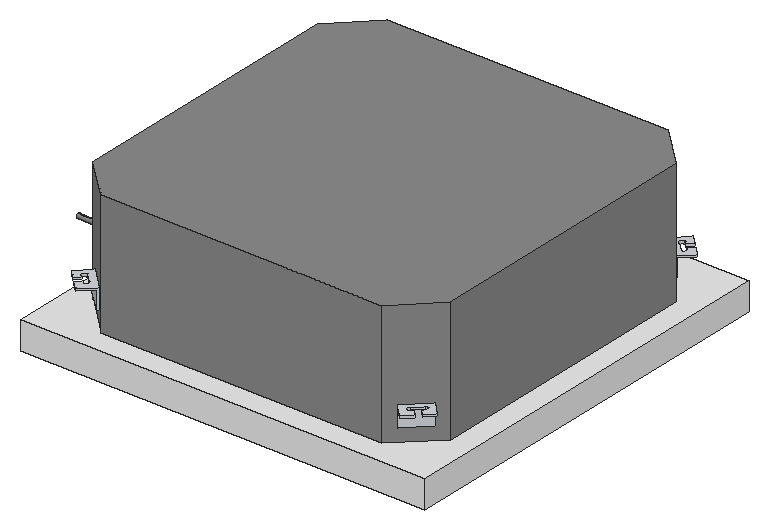
Revit family "GMV-ND112T-160C-T", category 机械设备, Revit 2014
Parameters (values of type "GMV-ND160T/C-T")
  Air volume(H/M/L)(m³/h) [instance] = "1650/1300/1100"
  Panel Hight = 65.00 mm
  Panel Depth = 950.00 mm
  Panel Width = 950.00 mm
  Power supply = "220-240V 1 phase ~50Hz/208-230V 1 phase ~60Hz"
  Liquid Pipe(mm) = 9.52 mm
  Gas Pipe(mm) = 15.90 mm
  面板 = ABS
  Drain Pipe(mm) = 25.00 mm
  Heating capacity(kW) [instance] = "16"
  Cooling capacity(kW) [instance] = "14"
  主体 = 锌板
  Width = 840.00 mm
  Hight = 290.00 mm
  Depth = 840.00 mm
Types (4, lengths in mm): name | Heating capacity(kW) | Cooling capacity(kW)
  (no name) | "16" | "14"
  GMV-ND112T/C-T | "12.5" | "11.2"
  GMV-ND125T/C-T | "14" | "12.5"
  GMV-ND160T/C-T | "16" | "14"
Reference planes
  plane 1: z = 0
  plane 2: y = -311.583
  plane 3: through (-330, 420, 1200) normal (0.7071, -0.7071, 0)
  plane 4: through (-341.331, 438.668, 1200) normal (0.7071, -0.7071, 0)
  plane 5: through (-345.927, 443.265, 1200) normal (0.7071, -0.7071, 0)
  plane 6: through (-336.735, 434.072, 1200) normal (0.7071, -0.7071, 0)
  plane 7: through (-396.612, 396.612, 1200) normal (0.7071, 0.7071, 0)
  plane 8: through (-406.158, 387.066, 1200) normal (0.7071, 0.7071, 0)
  plane 9: through (-387.066, 406.158, 1200) normal (0.7071, 0.7071, 0)
  plane 10: through (-401.916, 391.309, 1200) normal (0.7071, 0.7071, 0)
  plane 11: through (-391.309, 401.916, 1200) normal (0.7071, 0.7071, 0)
  plane 12: y = 182
  plane 13: x = 420
  plane 14: x = -420
  plane 15: z = 290
  plane 16: y = 420
  plane 17: y = -420
Forms (mm)
  Extrusion 1, solid, material "锌板" <- "主体"
    sketch origin (-1053.666, -594.239, 1200) x (-1, 0, 0) y (0, 0, 1)
      loop
        line (-633.666, -910) -> (-1473.666, -910) -> (-1473.666, -1200) -> (-633.666, -1200) -> (-633.666, -910)
    from 174.239 to 1014.239
  Extrusion 2, solid, material "ABS" <- "面板"
    sketch origin (-1053.666, -594.239, 1200) x (-1, 0, 0) y (0, 0, 1)
      loop
        line (-578.666, -1200) -> (-1528.666, -1200) -> (-1528.666, -1265) -> (-578.666, -1265) -> (-578.666, -1200)
    from 119.239 to 1069.239
  Extrusion 3, solid, material "锌板" <- "主体"
    sketch origin (-420, -1524, 776.939) x (0, 0, 1) y (0, -1, 0)
      loop
        circle (-620.056, -1304.415) r 7.95
    from 0 to -50
  Extrusion 4, solid, material "锌板" <- "主体"
    sketch origin (-420, -1524, 776.939) x (0, 0, 1) y (0, -1, 0)
      loop
        circle (-626.939, -1212.417) r 4.76
    from 0 to -50
  Extrusion 5, void
    sketch origin (-944.901, -1524, -65) x (0, -1, 0) y (-1, 0, 0)
      loop
        line (-1774, -694.901) -> (-1774, -1194.901) -> (-1274, -1194.901) -> (-1274, -694.901) -> (-1774, -694.901)
    from 0 to -51.074
  Extrusion 6, void
    sketch origin (-944.901, -1524, -65) x (0, -1, 0) y (-1, 0, 0)
      loop
        line (-1904, -744.901) -> (-1904, -1144.901) -> (-1854, -1144.901) -> (-1854, -744.901) -> (-1904, -744.901)
    from 0 to -10
  Extrusion 7, void
    sketch origin (-944.901, -1524, -65) x (0, -1, 0) y (-1, 0, 0)
      loop
        line (-1194, -1144.901) -> (-1144, -1144.901) -> (-1144, -744.901) -> (-1194, -744.901) -> (-1194, -1144.901)
    from 0 to -10
  Extrusion 8, void
    sketch origin (-944.901, -1524, -65) x (0, -1, 0) y (-1, 0, 0)
      loop
        line (-1724, -564.901) -> (-1724, -614.901) -> (-1324, -614.901) -> (-1324, -564.901) -> (-1724, -564.901)
    from 0 to -10
  Extrusion 9, void
    sketch origin (-944.901, -1524, -65) x (0, -1, 0) y (-1, 0, 0)
      loop
        line (-1324, -1324.901) -> (-1324, -1274.901) -> (-1724, -1274.901) -> (-1724, -1324.901) -> (-1324, -1324.901)
    from 0 to -10
  Extrusion 10, void
    sketch origin (-944.901, -1524, 300) x (0, -1, 0) y (-1, 0, 0)
      loop
        line (-1944, -524.901) -> (-1944, -614.901) -> (-1854, -524.901) -> (-1944, -524.901)
    from 320 to -10
  Extrusion 11, solid
    sketch origin (-393.436, 356.539, 1200) x (0.707107, -0.707107, 0) y (0, 0, 1)
      loop
        line (0, -1167.503) -> (0, -1120) -> (-43.411, -1120) -> (-43.411, -1125) -> (-5, -1125) -> (-5, -1167.503) -> (0, -1167.503)
    from 7.361 to -61.161
  Extrusion 12, void
    sketch origin (-113.234, -1524, 80) x (0, -1, 0) y (-1, 0, 0)
      loop
        line (-1909.05, 290.908) -> (-1913.293, 286.665) -> (-1924.38, 297.753) -> (-1934.987, 287.147) -> (-1923.899, 276.059) -> (-1928.142, 271.816)
        arc (-1928.142, 271.816) -> (-1928.142, 262.624) -> (-1918.949, 262.624) r 6.5
        line (-1918.949, 262.624) -> (-1899.858, 281.715)
        arc (-1899.858, 281.715) -> (-1899.858, 290.908) -> (-1909.05, 290.908) r 6.5
    from 5 to 0
  Extrusion 13, void
    sketch origin (944.901, -1524, 300) x (0, 1, 0) y (1, 0, 0)
      loop
        line (1944, -524.901) -> (1854, -524.901) -> (1944, -614.901) -> (1944, -524.901)
    from 300 to -10
  Extrusion 14, void
    sketch origin (944.901, 1524, 300) x (0, 1, 0) y (1, 0, 0)
      loop
        line (-1944, -524.901) -> (-1944, -614.901) -> (-1854, -524.901) -> (-1944, -524.901)
    from 300 to -10
  Extrusion 15, void
    sketch origin (-944.901, 1524, 300) x (0, -1, 0) y (-1, 0, 0)
      loop
        line (1944, -524.901) -> (1854, -524.901) -> (1944, -614.901) -> (1944, -524.901)
    from 300 to -10
  Extrusion 16, solid
    sketch origin (393.436, 356.539, 1200) x (-0.707107, -0.707107, 0) y (0, 0, -1)
      loop
        line (0, 1167.503) -> (-5, 1167.503) -> (-5, 1125) -> (-43.411, 1125) -> (-43.411, 1120) -> (0, 1120) -> (0, 1167.503)
    from 7.361 to -61.161
  Extrusion 17, solid
    sketch origin (393.436, -356.539, 1200) x (-0.707107, 0.707107, 0) y (0, 0, 1)
      loop
        line (0, -1167.503) -> (0, -1120) -> (-43.411, -1120) -> (-43.411, -1125) -> (-5, -1125) -> (-5, -1167.503) -> (0, -1167.503)
    from 7.361 to -61.161
  Extrusion 18, solid
    sketch origin (-393.436, -356.539, 1200) x (0.707107, 0.707107, 0) y (0, 0, -1)
      loop
        line (0, 1167.503) -> (-5, 1167.503) -> (-5, 1125) -> (-43.411, 1125) -> (-43.411, 1120) -> (0, 1120) -> (0, 1167.503)
    from 7.361 to -61.161
  Extrusion 19, solid
    sketch origin (-393.436, 356.539, 1200) x (0.707107, -0.707107, 0) y (0, 0, 1)
      loop
        line (0, -1167.503) -> (0, -1120) -> (-43.411, -1120) -> (-43.411, -1125) -> (-5, -1125) -> (-5, -1167.503) -> (0, -1167.503)
    from 7.361 to -61.161
  Extrusion 20, void
    sketch origin (-113.234, -1524, 80) x (0, -1, 0) y (-1, 0, 0)
      loop
        line (-1909.05, 290.908) -> (-1913.293, 286.665) -> (-1924.38, 297.753) -> (-1934.987, 287.147) -> (-1923.899, 276.059) -> (-1928.142, 271.816)
        arc (-1928.142, 271.816) -> (-1928.142, 262.624) -> (-1918.949, 262.624) r 6.5
        line (-1918.949, 262.624) -> (-1899.858, 281.715)
        arc (-1899.858, 281.715) -> (-1899.858, 290.908) -> (-1909.05, 290.908) r 6.5
    from 5 to 0
  Extrusion 21, void
    sketch origin (113.234, -1524, 80) x (0, 1, 0) y (1, 0, 0)
      loop
        arc (1909.05, 290.908) -> (1899.858, 290.908) -> (1899.858, 281.715) r 6.5
        line (1899.858, 281.715) -> (1918.949, 262.624)
        arc (1918.949, 262.624) -> (1928.142, 262.624) -> (1928.142, 271.816) r 6.5
        line (1928.142, 271.816) -> (1923.899, 276.059) -> (1934.987, 287.147) -> (1924.38, 297.753) -> (1913.293, 286.665) -> (1909.05, 290.908)
    from 5 to 0
  Extrusion 22, void
    sketch origin (113.234, 1524, 80) x (0, 1, 0) y (1, 0, 0)
      loop
        line (-1909.05, 290.908) -> (-1913.293, 286.665) -> (-1924.38, 297.753) -> (-1934.987, 287.147) -> (-1923.899, 276.059) -> (-1928.142, 271.816)
        arc (-1928.142, 271.816) -> (-1928.142, 262.624) -> (-1918.949, 262.624) r 6.5
        line (-1918.949, 262.624) -> (-1899.858, 281.715)
        arc (-1899.858, 281.715) -> (-1899.858, 290.908) -> (-1909.05, 290.908) r 6.5
    from 5 to 0
  Extrusion 23, void
    sketch origin (-113.234, 1524, 80) x (0, -1, 0) y (-1, 0, 0)
      loop
        arc (1909.05, 290.908) -> (1899.858, 290.908) -> (1899.858, 281.715) r 6.5
        line (1899.858, 281.715) -> (1918.949, 262.624)
        arc (1918.949, 262.624) -> (1928.142, 262.624) -> (1928.142, 271.816) r 6.5
        line (1928.142, 271.816) -> (1923.899, 276.059) -> (1934.987, 287.147) -> (1924.38, 297.753) -> (1913.293, 286.665) -> (1909.05, 290.908)
    from 5 to 0
  Extrusion 24, solid
    sketch origin (-420, -1524, 776.939) x (0, 0, 1) y (0, -1, 0)
      loop
        circle (-541.939, -1706) r 12.5
    from 0 to -29.332
Cuts and joins
  Extrusion 5, Extrusion 6, Extrusion 7, Extrusion 8, Extrusion 9, Extrusion 13, Extrusion 14, Extrusion 15 cuts Extrusion 2
  Extrusion 10, Extrusion 13, Extrusion 14, Extrusion 15 cuts Extrusion 1
  Extrusion 12, Extrusion 13, Extrusion 21 cuts Extrusion 11
  Extrusion 20, Extrusion 21 cuts Extrusion 19
  Extrusion 20, Extrusion 23 cuts Extrusion 18
  Extrusion 21, Extrusion 22 cuts Extrusion 16
  Extrusion 22, Extrusion 23 cuts Extrusion 17
Lines and regions (mm)
  model lines
    curve 1: arc (-420, -219.585, 164.833) -> (-420, -227.535, 156.883) -> (-420, -219.585, 148.933) r 7.95
    curve 2: arc (-420, -219.585, 148.933) -> (-420, -211.635, 156.883) -> (-420, -219.585, 164.833) r 7.95
    curve 3: line (-250, 250, -65) -> (250, 250, -65)
    curve 4: line (-250, -250, -65) -> (-250, 250, -65)
    curve 5: line (250, -250, -65) -> (-250, -250, -65)
    curve 6: line (250, 250, -65) -> (250, -250, -65)
Dimensions and locks
  Extrusion 5 sketch curve to Extrusion 5 sketch curve = 500.00 mm
  plane 4 to plane 5 = 6.50 mm
  "Width": plane 14 to plane 13
  "Hight": plane 15 to level
  "Depth": plane 17 to plane 16
  "Gas Pipe(mm)": diameter of Extrusion 3 sketch curve
  "Liquid Pipe(mm)": diameter of Extrusion 4 sketch curve
  "Drain Pipe(mm)": diameter of Extrusion 24 sketch curve
  aligned and locked: level to plane 1
  aligned and locked: Extrusion 1 sketch curve to level
  aligned and locked: level to Extrusion 2 sketch curve
  aligned and locked: curve 1 to Extrusion 3
  aligned and locked: curve 2 to Extrusion 3
  aligned and locked: curve 3 to cut or joined group 1 (Extrusion 2, Extrusion 5, Extrusion 6, Extrusion 7, Extrusion 8, Extrusion 9, Extrusion 13, Extrusion 14, Extrusion 15)
  aligned and locked: curve 4 to cut or joined group 1
  aligned and locked: curve 5 to cut or joined group 1
  aligned and locked: curve 6 to cut or joined group 1
  aligned and locked: cut or joined group 1 to nested 1
  aligned and locked: Extrusion 11 to Extrusion 12
  aligned and locked: Extrusion 15 to Extrusion 2
  aligned and locked: Extrusion 14 to Extrusion 2
  aligned and locked: Extrusion 13 to Extrusion 2
Automatic sketch dimensions
  Extrusion 11 sketch curve to plane 5 = 15.681 mm
  Extrusion 11 sketch curve to plane 3 = 4.982 mm
  plane 3 to Extrusion 11 sketch curve = 0.018 mm
  level to Extrusion 11 sketch curve = 32.496 mm
  plane 11 to Extrusion 12 sketch curve = 0.00 mm
  plane 5 to Extrusion 12 sketch curve = 0.00 mm  (x3)
  plane 9 to Extrusion 12 sketch curve = 0.00 mm  (x3)
  Extrusion 12 sketch curve to plane 10 = 0.00 mm
  plane 4 to Extrusion 12 sketch curve = 0.00 mm  (x2)
  Extrusion 12 sketch curve to plane 8 = 0.00 mm  (x3)
  Extrusion 16 sketch curve to plane 9 = 560.223 mm
  Extrusion 16 sketch curve to Extrusion 16 sketch curve = 38.411 mm
  Extrusion 16 sketch curve to Extrusion 16 sketch curve = 5.00 mm  (x2)
  level to Extrusion 16 sketch curve = 32.496 mm
  plane 3 to Extrusion 17 sketch curve = 1104.054 mm
  Extrusion 17 sketch curve to Extrusion 17 sketch curve = 38.411 mm
  Extrusion 17 sketch curve to Extrusion 17 sketch curve = 5.00 mm  (x2)
  level to Extrusion 17 sketch curve = 32.496 mm
  Extrusion 18 sketch curve to plane 8 = 560.224 mm
  Extrusion 18 sketch curve to Extrusion 18 sketch curve = 38.411 mm
  Extrusion 18 sketch curve to Extrusion 18 sketch curve = 5.00 mm  (x2)
  level to Extrusion 18 sketch curve = 32.496 mm
  Extrusion 19 sketch curve to plane 5 = 15.681 mm
  Extrusion 19 sketch curve to plane 3 = 4.982 mm
  plane 3 to Extrusion 19 sketch curve = 0.018 mm
  level to Extrusion 19 sketch curve = 32.496 mm
  plane 11 to Extrusion 20 sketch curve = 0.00 mm
  plane 5 to Extrusion 20 sketch curve = 0.00 mm  (x3)
  plane 9 to Extrusion 20 sketch curve = 0.00 mm  (x3)
  Extrusion 20 sketch curve to plane 10 = 0.00 mm
  plane 4 to Extrusion 20 sketch curve = 0.00 mm  (x2)
  Extrusion 20 sketch curve to plane 8 = 0.00 mm  (x3)
  Extrusion 21 sketch curve to Extrusion 21 sketch curve = 4.243 mm  (x2)
  Extrusion 21 sketch curve to Extrusion 21 sketch curve = 4.596 mm  (x3)
  Extrusion 21 sketch curve to Extrusion 21 sketch curve = 0.354 mm
  Extrusion 21 sketch curve to Extrusion 21 sketch curve = 11.088 mm
  Extrusion 22 sketch curve to Extrusion 22 sketch curve = 10.607 mm
  Extrusion 22 sketch curve to Extrusion 22 sketch curve = 4.596 mm  (x5)
  Extrusion 23 sketch curve to Extrusion 23 sketch curve = 4.243 mm  (x2)
  Extrusion 23 sketch curve to Extrusion 23 sketch curve = 4.596 mm  (x3)
  Extrusion 23 sketch curve to Extrusion 23 sketch curve = 0.354 mm
  Extrusion 23 sketch curve to Extrusion 23 sketch curve = 11.088 mm
  Extrusion 8 sketch curve to Extrusion 8 sketch curve = 50.00 mm
  plane 3 to Extrusion 10 sketch curve = 0.00 mm  (x2)
  Extrusion 22 sketch curve to Extrusion 22 sketch curve = 4.243 mm
  Extrusion 1 sketch curve to Extrusion 1 sketch curve = 840.00 mm
  Extrusion 2 sketch curve to Extrusion 2 sketch curve = 950.00 mm
  Extrusion 6 sketch curve to plane 9 = 78.424 mm
  Extrusion 6 sketch curve to Extrusion 6 sketch curve = 400.00 mm
  Extrusion 7 sketch curve to plane 8 = 361.267 mm
  Extrusion 7 sketch curve to Extrusion 7 sketch curve = 400.00 mm
  Extrusion 8 sketch curve to plane 8 = 396.622 mm
  Extrusion 9 sketch curve to plane 9 = 78.424 mm
  Extrusion 9 sketch curve to Extrusion 9 sketch curve = 50.00 mm
  plane 3 to Extrusion 13 sketch curve = 530.33 mm
  Extrusion 13 sketch curve to Extrusion 13 sketch curve = 90.00 mm  (x2)
  Extrusion 14 sketch curve to plane 7 = 0.00 mm
  Extrusion 14 sketch curve to Extrusion 14 sketch curve = 90.00 mm
  plane 3 to Extrusion 15 sketch curve = 530.33 mm
  Extrusion 15 sketch curve to Extrusion 15 sketch curve = 90.00 mm
  plane 3 to Extrusion 21 sketch curve = 537.83 mm
  Extrusion 21 sketch curve to Extrusion 21 sketch curve = 6.845 mm
  plane 11 to Extrusion 22 sketch curve = 0.00 mm
  Extrusion 22 sketch curve to Extrusion 22 sketch curve = 6.845 mm
  plane 3 to Extrusion 23 sketch curve = 522.83 mm
  Extrusion 23 sketch curve to Extrusion 23 sketch curve = 6.845 mm
  Extrusion 2 sketch curve to level = 65.00 mm
  Extrusion 5 sketch curve to plane 12 = 68.00 mm
  Extrusion 5 sketch curve to plane 14 = 170.00 mm
  Extrusion 6 sketch curve to plane 12 = 198.00 mm
  Extrusion 6 sketch curve to Extrusion 6 sketch curve = 50.00 mm
  plane 2 to Extrusion 7 sketch curve = 18.417 mm
  Extrusion 7 sketch curve to Extrusion 7 sketch curve = 50.00 mm
  Extrusion 8 sketch curve to plane 12 = 18.00 mm
  Extrusion 9 sketch curve to plane 12 = 18.00 mm
  Extrusion 10 sketch curve to plane 14 = 0.00 mm
  Extrusion 10 sketch curve to Extrusion 10 sketch curve = 90.00 mm
  Extrusion 12 sketch curve to plane 14 = 19.62 mm
  Extrusion 13 sketch curve to plane 13 = 0.00 mm
  Extrusion 14 sketch curve to plane 13 = 0.00 mm
  plane 2 to Extrusion 14 sketch curve = 18.417 mm
  Extrusion 15 sketch curve to plane 14 = 0.00 mm
  plane 2 to Extrusion 15 sketch curve = 18.417 mm
  Extrusion 20 sketch curve to plane 14 = 19.62 mm
  plane 13 to Extrusion 21 sketch curve = 25.051 mm
  Extrusion 21 sketch curve to plane 12 = 193.858 mm
  plane 13 to Extrusion 21 sketch curve = 15.858 mm
  plane 13 to Extrusion 21 sketch curve = 44.143 mm
  Extrusion 21 sketch curve to Extrusion 21 sketch curve = 5.657 mm
  plane 13 to Extrusion 22 sketch curve = 19.62 mm
  plane 2 to Extrusion 22 sketch curve = 99.404 mm
  plane 13 to Extrusion 22 sketch curve = 34.95 mm
  plane 13 to Extrusion 22 sketch curve = 20.101 mm
  plane 13 to Extrusion 22 sketch curve = 25.051 mm
  Extrusion 23 sketch curve to plane 14 = 25.051 mm
  plane 2 to Extrusion 23 sketch curve = 64.274 mm
  Extrusion 23 sketch curve to plane 14 = 15.858 mm
  Extrusion 23 sketch curve to Extrusion 23 sketch curve = 5.657 mm
  Extrusion 23 sketch curve to plane 14 = 19.62 mm
  plane 13 to Extrusion 1 sketch curve = 0.00 mm
  Extrusion 1 sketch curve to plane 15 = 0.00 mm
  Extrusion 11 sketch curve to Extrusion 11 sketch curve = 42.503 mm
  Extrusion 11 sketch curve to Extrusion 11 sketch curve = 5.00 mm
  Extrusion 16 sketch curve to Extrusion 16 sketch curve = 42.503 mm
  Extrusion 17 sketch curve to Extrusion 17 sketch curve = 42.503 mm
  Extrusion 18 sketch curve to Extrusion 18 sketch curve = 42.503 mm
  Extrusion 19 sketch curve to Extrusion 19 sketch curve = 42.503 mm
  Extrusion 19 sketch curve to Extrusion 19 sketch curve = 5.00 mm
  Extrusion 5 sketch curve to plane 2 = 61.583 mm
  Extrusion 8 sketch curve to plane 14 = 40.00 mm
  plane 13 to Extrusion 9 sketch curve = 40.00 mm
  plane 15 to Extrusion 3 sketch curve = 133.117 mm
  Extrusion 3 sketch curve to plane 2 = 91.998 mm
  Extrusion 4 sketch curve to plane 2 = 0.00 mm
  plane 15 to Extrusion 4 sketch curve = 140.00 mm
  Extrusion 24 sketch curve to plane 12 = 0.00 mm
  plane 15 to Extrusion 24 sketch curve = 55.00 mm
Nested families
  nested 1: "回风口（天井机）" at (0, 0, -65), type "回风口（天井机）"
  nested 2: "5S logo-小" at (10, -295, -65), type "GMV 5S LOGO"
    with 材质2 材质2, 材质1 材质1, 商标底材质 商标底材质
Definition of nested family "回风口（天井机）"
  Parameters (values of type "回风口（天井机）")
    面板 = ABS
    边长 = 500.00 mm
  Reference planes
    plane 1 "中心(前/后)": y = 0
    plane 2: z = 0
    plane 3 "中心(左/右)": x = 0
    plane 4: y = 250
    plane 5: y = -250
    plane 6: x = -250
    plane 7: x = 250
    plane 8: through (250, 250, 1200) normal (0.7071, -0.7071, 0)
    plane 9: through (0, 230, 1200) normal (0.7071, -0.7071, 0)
    plane 10: through (230, 0, 1200) normal (0.7071, -0.7071, 0)
    plane 11: through (-230, 0, 1200) normal (0.7071, 0.7071, 0)
    plane 12: through (-230, 230, 1200) normal (0.7071, 0.7071, 0)
    plane 13: through (-230, -110, 1200) normal (0.7071, 0.7071, 0)
    plane 14: through (-225, 105, 1200) normal (0.7071, 0.7071, 0)
    plane 15: through (-230, -165, 1200) normal (0.7071, 0.7071, 0)
    plane 16: through (-175, -110, 1200) normal (0.7071, 0.7071, 0)
    plane 17: through (-120, -55, 1200) normal (0.7071, 0.7071, 0)
    plane 18: through (-57.5, -5, 1200) normal (0.7071, 0.7071, 0)
    plane 19: through (0, 230, 1200) normal (0.7071, 0.7071, 0)
    plane 20: through (110, 230, 1200) normal (0.7071, 0.7071, 0)
    plane 21: through (-105, 225, 1200) normal (0.7071, 0.7071, 0)
    plane 22: through (165, 230, 1200) normal (0.7071, 0.7071, 0)
    plane 23: through (110, 175, 1200) normal (0.7071, 0.7071, 0)
    plane 24: through (55, 120, 1200) normal (0.7071, 0.7071, 0)
    plane 25: through (5, 57.5, 1200) normal (0.7071, 0.7071, 0)
  Forms (mm)
    Extrusion 1, solid, material "ABS" <- "面板"
      sketch origin (0, 0, 0) x (1, 0, 0) y (0, 1, 0)
        loop
          line (-250, 250) -> (-250, -250) -> (250, -250) -> (250, 250) -> (-250, 250)
        loop
          line (-230, 230) -> (-230, -230) -> (230, -230) -> (230, 230) -> (-230, 230)
      from 0 to 20
    Sweep 2, solid, material "ABS" <- "面板"
      path origin (0, 0, 0) x (1, 0, 0) y (0, 1, 0)
        loop
          line (230, 230) -> (-230, -230)
      profile origin (0, 0, 0) x (0.707107, -0.707107, 0) y (0, 0, 1)
        loop
          circle (0, 1) r 1
    Sweep 3, solid, material "ABS" <- "面板"
      path origin (-110.984, 119.016, 0) x (1, 0, 0) y (0, 1, 0)
        loop
          line (110.984, 110.984) -> (-119.016, -119.016)
      profile origin (-115, 115, 0) x (0.707107, -0.707107, 0) y (0, 0, 1)
        loop
          circle (0, 0) r 1
    Sweep 4, solid, material "ABS" <- "面板"
      path origin (110.984, -119.016, 0) x (1, 0, 0) y (0, 1, 0)
        loop
          line (119.016, 119.016) -> (-110.984, -110.984)
      profile origin (115, -115, 0) x (0.707107, -0.707107, 0) y (0, 0, 1)
        loop
          circle (0, 1.016) r 1
    Sweep 5, solid, material "ABS" <- "面板"
      path origin (0, 0, 0) x (1, 0, 0) y (0, 1, 0)
        loop
          line (-230, 230) -> (230, -230)
      profile origin (0, 0, 0) x (0.707107, 0.707107, 0) y (0, 0, 1)
        loop
          circle (0, 0.391) r 0.4
    Sweep 6, solid, material "ABS" <- "面板"
      path origin (-36.76, -25.74, 0) x (1, 0, 0) y (0, 1, 0)
        loop
          line (-193.24, 193.24) -> (204.26, -204.26)
      profile origin (-31.25, -31.25, 0) x (0.707107, 0.707107, 0) y (0, 0, 1)
        loop
          circle (0, 0) r 0.4
    Sweep 7, solid, material "ABS" <- "面板"
      path origin (-55.046, -64.954, 0) x (1, 0, 0) y (0, 1, 0)
        loop
          line (-174.954, 174.954) -> (165.046, -165.046)
      profile origin (-60, -60, 0) x (0.707107, 0.707107, 0) y (0, 0, 1)
        loop
          circle (0, 0) r 0.4
    Sweep 8, solid, material "ABS" <- "面板"
      path origin (-82.546, -92.454, 0) x (1, 0, 0) y (0, 1, 0)
        loop
          line (-147.454, 147.454) -> (137.546, -137.546)
      profile origin (-87.5, -87.5, 0) x (0.707107, 0.707107, 0) y (0, 0, 1)
        loop
          circle (0, 0) r 0.4
    Sweep 9, solid, material "ABS" <- "面板"
      path origin (-110.046, -119.954, 0) x (1, 0, 0) y (0, 1, 0)
        loop
          line (-119.954, 119.954) -> (110.753, -110.753)
      profile origin (-114.646, -115.354, 0) x (0.707107, 0.707107, 0) y (0, 0, 1)
        loop
          circle (0, 0) r 0.4
    Sweep 10, solid, material "ABS" <- "面板"
      path origin (-153.423, -131.577, 0) x (1, 0, 0) y (0, 1, 0)
        loop
          line (-76.577, 76.577) -> (98.423, -98.423)
      profile origin (-142.5, -142.5, 0) x (0.707107, 0.707107, 0) y (0, 0, 1)
        loop
          circle (0, 0) r 0.4
    Sweep 11, solid, material "ABS" <- "面板"
      path origin (-196.8, -143.2, 0) x (1, 0, 0) y (0, 1, 0)
        loop
          line (-33.2, 33.2) -> (86.8, -86.8)
      profile origin (-170, -170, 0) x (0.707107, 0.707107, 0) y (0, 0, 1)
        loop
          circle (0, 0) r 0.4
    Sweep 12, solid, material "ABS" <- "面板"
      path origin (-229.149, -165.851, 0) x (1, 0, 0) y (0, 1, 0)
        loop
          line (-0.851, 0.851) -> (64.149, -64.149)
      profile origin (-197.5, -197.5, 0) x (0.707107, 0.707107, 0) y (0, 0, 1)
        loop
          circle (0, 0) r 0.4
    Sweep 13, solid, material "ABS" <- "面板"
      path origin (25.74, 36.76, 0) x (0, -1, 0) y (-1, 0, 0)
        loop
          line (-193.24, 193.24) -> (204.26, -204.26)
      profile origin (31.25, 31.25, 0) x (0.707107, 0.707107, 0) y (0, 0, 1)
        loop
          circle (0, 0.43) r 0.4
    Sweep 14, solid, material "ABS" <- "面板"
      path origin (64.954, 55.046, 0) x (0, -1, 0) y (-1, 0, 0)
        loop
          line (-174.954, 174.954) -> (165.046, -165.046)
      profile origin (60, 60, 0) x (0.707107, 0.707107, 0) y (0, 0, 1)
        loop
          circle (0, 0.43) r 0.4
    Sweep 15, solid, material "ABS" <- "面板"
      path origin (92.454, 82.546, 0) x (0, -1, 0) y (-1, 0, 0)
        loop
          line (-147.454, 147.454) -> (137.546, -137.546)
      profile origin (87.5, 87.5, 0) x (0.707107, 0.707107, 0) y (0, 0, 1)
        loop
          circle (0, 0.391) r 0.4
    Sweep 16, solid, material "ABS" <- "面板"
      path origin (119.954, 110.046, 0) x (0, -1, 0) y (-1, 0, 0)
        loop
          line (-119.954, 119.954) -> (110.753, -110.753)
      profile origin (115.354, 114.646, 0) x (0.707107, 0.707107, 0) y (0, 0, 1)
        loop
          circle (0, 0.391) r 0.4
    Sweep 17, solid, material "ABS" <- "面板"
      path origin (131.577, 153.423, 0) x (0, -1, 0) y (-1, 0, 0)
        loop
          line (-76.577, 76.577) -> (98.423, -98.423)
      profile origin (142.5, 142.5, 0) x (0.707107, 0.707107, 0) y (0, 0, 1)
        loop
          circle (0, 0.391) r 0.4
    Sweep 18, solid, material "ABS" <- "面板"
      path origin (143.2, 196.8, 0) x (0, -1, 0) y (-1, 0, 0)
        loop
          line (-33.2, 33.2) -> (86.8, -86.8)
      profile origin (170, 170, 0) x (0.707107, 0.707107, 0) y (0, 0, 1)
        loop
          circle (0, 0.391) r 0.4
    Sweep 19, solid, material "ABS" <- "面板"
      path origin (165.851, 229.149, 0) x (0, -1, 0) y (-1, 0, 0)
        loop
          line (-0.851, 0.851) -> (64.149, -64.149)
      profile origin (197.5, 197.5, 0) x (0.707107, 0.707107, 0) y (0, 0, 1)
        loop
          circle (0, 0.391) r 0.4
  Dimensions and locks
    equal spacing: plane 6, plane 3 "中心(左/右)", plane 7
    "边长": plane 6 to plane 7
    equal spacing: plane 4, plane 1 "中心(前/后)", plane 5
    "边长": plane 4 to plane 5
    aligned and locked: level to plane 2
    aligned and locked: Extrusion 1 sketch curve to plane 4
    aligned and locked: plane 6 to Extrusion 1 sketch curve
    aligned and locked: plane 5 to Extrusion 1 sketch curve
    aligned and locked: Extrusion 1 sketch curve to plane 7
  Automatic sketch dimensions
    Extrusion 1 sketch curve to plane 12 = 0.00 mm
    plane 8 to Extrusion 1 sketch curve = 0.00 mm  (x2)
    Extrusion 1 sketch curve to plane 4 = 20.00 mm
    plane 8 to Sweep 2 sketch curve = 0.00 mm  (x2)
    plane 5 to Sweep 2 sketch curve = 20.00 mm
    Sweep 2 sketch curve to plane 4 = 20.00 mm
    Sweep 2 sketch curve to profile plane = 0.00 mm
    level to Sweep 2 sketch curve = 1.00 mm
    plane 1 "中心(前/后)" to Sweep 3 sketch curve = 0.00 mm
    plane 9 to Sweep 3 sketch curve = 0.00 mm  (x2)
    Sweep 3 sketch curve to plane 3 "中心(左/右)" = 0.00 mm
    Sweep 3 sketch curve to level = 0.00 mm
    Sweep 3 sketch curve to profile plane = 0.00 mm
    Sweep 4 sketch curve to plane 3 "中心(左/右)" = 0.00 mm
    plane 1 "中心(前/后)" to Sweep 4 sketch curve = 0.00 mm
    Sweep 4 sketch curve to plane 10 = 0.00 mm  (x2)
    Sweep 4 sketch curve to profile plane = 0.00 mm
    level to Sweep 4 sketch curve = 1.016 mm
    Sweep 5 sketch curve to plane 12 = 0.00 mm  (x2)
    Sweep 5 sketch curve to plane 4 = 20.00 mm
    plane 5 to Sweep 5 sketch curve = 20.00 mm
    Sweep 5 sketch curve to profile plane = 0.00 mm
    level to Sweep 5 sketch curve = 0.391 mm
    plane 18 to Sweep 6 sketch curve = 0.00 mm  (x2)
    plane 6 to Sweep 6 sketch curve = 20.00 mm
    plane 5 to Sweep 6 sketch curve = 20.00 mm
    Sweep 6 sketch curve to level = 0.00 mm
    Sweep 6 sketch curve to profile plane = 0.00 mm
    Sweep 7 sketch curve to plane 14 = 0.00 mm  (x2)
    plane 6 to Sweep 7 sketch curve = 20.00 mm
    plane 5 to Sweep 7 sketch curve = 20.00 mm
    Sweep 7 sketch curve to level = 0.00 mm
    Sweep 7 sketch curve to profile plane = 0.00 mm
    Sweep 8 sketch curve to plane 17 = 0.00 mm  (x2)
    plane 6 to Sweep 8 sketch curve = 20.00 mm
    plane 5 to Sweep 8 sketch curve = 20.00 mm
    Sweep 8 sketch curve to level = 0.00 mm
    Sweep 8 sketch curve to profile plane = 0.00 mm
    plane 1 "中心(前/后)" to Sweep 9 sketch curve = 0.00 mm
    plane 9 to Sweep 9 sketch curve = 0.00 mm
    Sweep 9 sketch curve to plane 11 = 0.00 mm
    plane 3 "中心(左/右)" to Sweep 9 sketch curve = 0.707 mm
    Sweep 9 sketch curve to level = 0.00 mm
    Sweep 9 sketch curve to profile plane = 0.00 mm
    Sweep 10 sketch curve to plane 16 = 0.00 mm
    plane 16 to Sweep 10 sketch curve = 0.00 mm
    plane 6 to Sweep 10 sketch curve = 20.00 mm
    plane 5 to Sweep 10 sketch curve = 20.00 mm
    Sweep 10 sketch curve to level = 0.00 mm
    Sweep 10 sketch curve to profile plane = 0.00 mm
    Sweep 11 sketch curve to plane 13 = 0.00 mm  (x2)
    plane 6 to Sweep 11 sketch curve = 20.00 mm
    plane 5 to Sweep 11 sketch curve = 20.00 mm
    Sweep 11 sketch curve to level = 0.00 mm
    Sweep 11 sketch curve to profile plane = 0.00 mm
    Sweep 12 sketch curve to plane 15 = 0.00 mm  (x2)
    plane 6 to Sweep 12 sketch curve = 20.00 mm
    plane 5 to Sweep 12 sketch curve = 20.00 mm
    Sweep 12 sketch curve to level = 0.00 mm
    Sweep 12 sketch curve to profile plane = 0.00 mm
    Sweep 13 sketch curve to plane 25 = 0.00 mm  (x2)
    plane 4 to Sweep 13 sketch curve = 20.00 mm
    plane 7 to Sweep 13 sketch curve = 20.00 mm
    level to Sweep 13 sketch curve = 0.43 mm
    Sweep 13 sketch curve to profile plane = 0.00 mm
    plane 21 to Sweep 14 sketch curve = 0.00 mm  (x2)
    plane 4 to Sweep 14 sketch curve = 20.00 mm
    plane 7 to Sweep 14 sketch curve = 20.00 mm
    level to Sweep 14 sketch curve = 0.43 mm
    Sweep 14 sketch curve to profile plane = 0.00 mm
    plane 24 to Sweep 15 sketch curve = 0.00 mm  (x2)
    plane 4 to Sweep 15 sketch curve = 20.00 mm
    plane 7 to Sweep 15 sketch curve = 20.00 mm
    level to Sweep 15 sketch curve = 0.391 mm
    Sweep 15 sketch curve to profile plane = 0.00 mm
    Sweep 16 sketch curve to plane 3 "中心(左/右)" = 0.00 mm
    plane 9 to Sweep 16 sketch curve = 0.00 mm
    plane 19 to Sweep 16 sketch curve = 0.00 mm
    Sweep 16 sketch curve to plane 1 "中心(前/后)" = 0.707 mm
    level to Sweep 16 sketch curve = 0.391 mm
    Sweep 16 sketch curve to profile plane = 0.00 mm
    Sweep 17 sketch curve to plane 23 = 0.00 mm  (x2)
    plane 4 to Sweep 17 sketch curve = 20.00 mm
    plane 7 to Sweep 17 sketch curve = 20.00 mm
    level to Sweep 17 sketch curve = 0.391 mm
    Sweep 17 sketch curve to profile plane = 0.00 mm
    Sweep 18 sketch curve to plane 20 = 0.00 mm
    plane 20 to Sweep 18 sketch curve = 0.00 mm
    plane 4 to Sweep 18 sketch curve = 20.00 mm
    plane 7 to Sweep 18 sketch curve = 20.00 mm
    level to Sweep 18 sketch curve = 0.391 mm
    Sweep 18 sketch curve to profile plane = 0.00 mm
    Sweep 19 sketch curve to plane 22 = 0.00 mm
    plane 22 to Sweep 19 sketch curve = 0.00 mm
    plane 4 to Sweep 19 sketch curve = 20.00 mm
    plane 7 to Sweep 19 sketch curve = 20.00 mm
    level to Sweep 19 sketch curve = 0.391 mm
    Sweep 19 sketch curve to profile plane = 0.00 mm
    radius of Sweep 2 sketch curve = 1.00 mm
    radius of Sweep 3 sketch curve = 1.00 mm
    radius of Sweep 4 sketch curve = 1.00 mm
    radius of Sweep 5 sketch curve = 0.40 mm
    radius of Sweep 6 sketch curve = 0.40 mm
    radius of Sweep 7 sketch curve = 0.40 mm
    radius of Sweep 8 sketch curve = 0.40 mm
    radius of Sweep 9 sketch curve = 0.40 mm
    radius of Sweep 10 sketch curve = 0.40 mm
    radius of Sweep 11 sketch curve = 0.40 mm
    radius of Sweep 12 sketch curve = 0.40 mm
    radius of Sweep 13 sketch curve = 0.40 mm
    radius of Sweep 14 sketch curve = 0.40 mm
    radius of Sweep 15 sketch curve = 0.40 mm
    radius of Sweep 16 sketch curve = 0.40 mm
    radius of Sweep 17 sketch curve = 0.40 mm
    radius of Sweep 18 sketch curve = 0.40 mm
    radius of Sweep 19 sketch curve = 0.40 mm
Definition of nested family "5S logo-小"
  Parameters (values of type "GMV 5S LOGO")
    Default Elevation = 1219.20 mm
    高 = 124.00 mm
    长 = 343.00 mm
    材质2 [instance] = 材质2
    材质1 [instance] = 材质1
    商标底材质 [instance] = 商标底材质
  Reference planes
    plane 1 "中心(前/后)": y = 0
    plane 2: z = 0
    plane 3 "中心(左/右)": x = 0
    plane 4: z = 62
    plane 5: z = -62
    plane 6: x = -171.5
    plane 7: x = 171.5
  Forms (mm)
    Extrusion 1, solid, material "商标底材质" <- "商标底材质"
      sketch origin (0, 0, 0) x (0, -1, 0) y (-1, 0, 0)
        loop
          arc (19.056, 68.976) -> (17.347, 74.568) -> (12.802, 78.248) r 10
          line (12.802, 78.248) -> (-17.162, 90.354)
          arc (-17.162, 90.354) -> (-20.487, 90.004) -> (-22.056, 87.052) r 3.561
          line (-22.056, 87.052) -> (-22.056, -86.348)
          arc (-22.056, -86.348) -> (-20.85, -90.006) -> (-17.704, -92.229) r 6.15
          line (-17.704, -92.229) -> (14.445, -102.058)
          arc (14.445, -102.058) -> (17.61, -101.514) -> (19.056, -98.646) r 3.568
          line (19.056, -98.646) -> (19.056, 68.976)
      from 0 to 2
    Extrusion 2, solid, material "材质1" <- "材质1"
      sketch origin (0, 0, 0) x (0, -1, 0) y (-1, 0, 0)
        loop
          spline (3.398, 40.436) -> (7.998, 43.333) -> (11.629, 47.832) -> (13.929, 53.486) -> (14.668, 59.733) -> (13.775, 65.949) -> (11.336, 71.516) -> (7.596, 75.88) -> (2.926, 78.606) -> (-2.208, 79.423) -> (-7.295, 78.249) -> (-11.829, 75.202) -> (-15.358, 70.584)
          line (-15.358, 70.584) -> (3.398, 61.792) -> (3.398, 40.436)
        loop
          spline (-17.701, 64.059) -> (-18.102, 60.899) -> (-18.085, 57.702) -> (-17.65, 54.548) -> (-16.808, 51.52) -> (-15.581, 48.694) -> (-14, 46.142) -> (-12.106, 43.93) -> (-9.947, 42.114) -> (-7.578, 40.741) -> (-5.06, 39.845) -> (-2.457, 39.45) -> (0.164, 39.566)
          line (0.164, 39.566) -> (0.164, 61.971) -> (-0.562, 62.39)
          spline (-0.562, 62.39) -> (-1.242, 60.468) -> (-2.323, 59.43) -> (-3.654, 58.906) -> (-5.063, 58.824) -> (-6.366, 59.029) -> (-7.642, 59.404) -> (-8.991, 59.879) -> (-10.444, 60.463) -> (-11.998, 61.153) -> (-13.58, 61.895) -> (-15.255, 62.723) -> (-17.701, 64.059)
      from 2 to 3
    Extrusion 3, solid, material "材质1" <- "材质1"
      sketch origin (0, 0, 0) x (0, -1, 0) y (-1, 0, 0)
        loop
          spline (8.242, 14.653) -> (7.538, 18.605) -> (6.554, 20.989) -> (4.969, 23.477) -> (2.7, 25.885) -> (0.036, 27.735) -> (-2.441, 28.95) -> (-4.85, 29.689) -> (-7.631, 30.132) -> (-10.555, 30.044) -> (-12.923, 29.468) -> (-15.045, 27.693) -> (-17.246, 21.242)
          line (-17.246, 21.242) -> (-17.246, 7.987)
          arc (-17.246, 7.987) -> (-15.781, 3.611) -> (-11.979, 0.997) r 7.271
          line (-11.979, 0.997) -> (-2.392, -1.752) -> (-2.392, 11.904) -> (-5.631, 13.083) -> (-5.631, 6.791) -> (-12.875, 9.428)
          arc (-12.875, 9.428) -> (-13.648, 10.021) -> (-13.942, 10.951) r 1.621
          line (-13.942, 10.951) -> (-13.942, 17.704)
          spline (-13.942, 17.704) -> (-12.83, 19.968) -> (-11.658, 21.067) -> (-10.226, 21.55) -> (-8.493, 21.519) -> (-6.565, 21.128) -> (-4.578, 20.541) -> (-2.715, 19.901) -> (-1.173, 19.338) -> (0.109, 18.717) -> (1.519, 17.582) -> (3.271, 15.496) -> (4.751, 12.206)
          line (4.751, 12.206) -> (4.751, -3.717) -> (8.242, -4.988) -> (8.242, 14.653)
      from 2 to 3
    Extrusion 4, solid, material "材质1" <- "材质1"
      sketch origin (0, 0, 0) x (0, -1, 0) y (-1, 0, 0)
        loop
          line (-16.723, -1.511) -> (-16.723, -9.583) -> (5.176, -16.854) -> (5.176, -26.102)
          spline (5.176, -26.102) -> (4.461, -27.291) -> (3.512, -27.776) -> (2.505, -27.799) -> (1.613, -27.598) -> (0.898, -27.303) -> (0.316, -26.944) -> (-0.179, -26.549) -> (-0.619, -26.12) -> (-1.01, -25.613) -> (-1.353, -24.964) -> (-1.676, -23.958) -> (-2.031, -22.238)
          line (-2.031, -22.238) -> (-2.031, -16.188) -> (-14.13, -21.83)
          arc (-14.13, -21.83) -> (-15.839, -23.587) -> (-16.669, -25.892) r 5.797
          line (-16.669, -25.892) -> (-16.669, -32.22) -> (-5.039, -26.879)
          spline (-5.039, -26.879) -> (-4.105, -30.767) -> (-2.581, -32.846) -> (-1.282, -33.959) -> (-0.332, -34.633) -> (0.755, -35.107) -> (2.188, -35.474) -> (3.667, -35.598) -> (4.985, -35.401) -> (6.09, -34.885) -> (7.028, -33.925) -> (7.857, -32.2) -> (8.242, -28.8)
          line (8.242, -28.8) -> (8.242, -9.8) -> (-16.723, -1.511)
      from 2 to 3
    Extrusion 5, solid, material "材质1" <- "材质1"
      sketch origin (0, 0, 0) x (0, -1, 0) y (-1, 0, 0)
        loop
          line (5.191, -64.948) -> (8.108, -66.126) -> (8.108, -49.625)
          spline (8.108, -49.625) -> (6.965, -44.669) -> (5.671, -42.182) -> (4.222, -40.444) -> (2.182, -38.93) -> (-0.218, -37.705) -> (-2.819, -36.826) -> (-5.571, -36.295) -> (-8.309, -36.123) -> (-10.807, -36.342) -> (-12.988, -37.062) -> (-14.984, -38.535) -> (-16.892, -42.781)
          line (-16.892, -42.781) -> (-16.892, -58.458) -> (-13.752, -59.539) -> (-13.752, -48.309)
          spline (-13.752, -48.309) -> (-13.344, -47.008) -> (-12.958, -46.23) -> (-12.513, -45.679) -> (-11.974, -45.178) -> (-11.376, -44.75) -> (-10.76, -44.436) -> (-10.131, -44.239) -> (-9.457, -44.121) -> (-8.702, -44.042) -> (-7.809, -43.987) -> (-6.659, -44.036) -> (-5.119, -44.283)
          line (-5.119, -44.283) -> (-5.119, -60.676) -> (-2.249, -62.014) -> (-2.249, -45.009)
          spline (-2.249, -45.009) -> (-1.811, -45.011) -> (-0.931, -45.257) -> (-0.119, -45.562) -> (0.577, -45.888) -> (1.199, -46.222) -> (1.786, -46.573) -> (2.364, -47) -> (2.959, -47.566) -> (3.596, -48.332) -> (4.239, -49.328) -> (4.8, -50.552) -> (5.191, -52.004)
          line (5.191, -52.004) -> (5.191, -64.948)
        loop
          line (5.191, -93.831) -> (8.108, -95.01) -> (8.108, -78.509)
          spline (8.108, -78.509) -> (6.965, -73.552) -> (5.671, -71.065) -> (4.222, -69.327) -> (2.182, -67.814) -> (-0.218, -66.588) -> (-2.819, -65.709) -> (-5.571, -65.178) -> (-8.309, -65.007) -> (-10.807, -65.225) -> (-12.988, -65.945) -> (-14.984, -67.419) -> (-16.892, -71.664)
          line (-16.892, -71.664) -> (-16.892, -87.341) -> (-13.752, -88.422) -> (-13.752, -77.192)
          spline (-13.752, -77.192) -> (-13.344, -75.891) -> (-12.958, -75.113) -> (-12.513, -74.562) -> (-11.974, -74.061) -> (-11.376, -73.633) -> (-10.76, -73.319) -> (-10.131, -73.122) -> (-9.457, -73.005) -> (-8.702, -72.925) -> (-7.809, -72.871) -> (-6.659, -72.919) -> (-5.119, -73.166)
          line (-5.119, -73.166) -> (-5.119, -89.559) -> (-2.249, -90.897) -> (-2.249, -73.892)
          spline (-2.249, -73.892) -> (-1.811, -73.895) -> (-0.931, -74.14) -> (-0.119, -74.446) -> (0.577, -74.771) -> (1.199, -75.105) -> (1.786, -75.457) -> (2.364, -75.884) -> (2.959, -76.449) -> (3.596, -77.215) -> (4.239, -78.211) -> (4.8, -79.436) -> (5.191, -80.887)
          line (5.191, -80.887) -> (5.191, -93.831)
      from 2 to 3
  Dimensions and locks
    equal spacing: plane 4, level, plane 5
    "高": plane 4 to plane 5
    equal spacing: plane 7, plane 3 "中心(左/右)", plane 6
    "长": plane 7 to plane 6
    aligned and locked: level to plane 2
  Automatic sketch dimensions
    Extrusion 1 sketch curve to plane 1 "中心(前/后)" = 22.056 mm
    Extrusion 1 sketch curve to Extrusion 1 sketch curve = 3.561 mm
    Extrusion 1 sketch curve to Extrusion 1 sketch curve = 4.352 mm
    Extrusion 1 sketch curve to Extrusion 1 sketch curve = 1.334 mm
    Extrusion 1 sketch curve to Extrusion 1 sketch curve = 1.798 mm
    plane 1 "中心(前/后)" to Extrusion 1 sketch curve = 9.056 mm
    Extrusion 1 sketch curve to Extrusion 1 sketch curve = 3.746 mm
    plane 1 "中心(前/后)" to Extrusion 1 sketch curve = 14.445 mm
    Extrusion 1 sketch curve to Extrusion 1 sketch curve = 1.043 mm
    Extrusion 1 sketch curve to Extrusion 1 sketch curve = 3.568 mm
    plane 6 to Extrusion 1 sketch curve = 81.146 mm
    Extrusion 1 sketch curve to Extrusion 1 sketch curve = 12.106 mm
    Extrusion 1 sketch curve to plane 7 = 85.152 mm
    Extrusion 1 sketch curve to Extrusion 1 sketch curve = 12.298 mm
    Extrusion 2 sketch curve to plane 1 "中心(前/后)" = 17.701 mm
    Extrusion 2 sketch curve to Extrusion 2 sketch curve = 2.343 mm
    Extrusion 2 sketch curve to plane 1 "中心(前/后)" = 0.562 mm
    plane 1 "中心(前/后)" to Extrusion 2 sketch curve = 0.164 mm
    Extrusion 2 sketch curve to Extrusion 2 sketch curve = 3.234 mm
    Extrusion 2 sketch curve to plane 3 "中心(左/右)" = 70.584 mm
    Extrusion 2 sketch curve to Extrusion 2 sketch curve = 6.525 mm
    Extrusion 2 sketch curve to Extrusion 2 sketch curve = 8.193 mm
    Extrusion 2 sketch curve to Extrusion 2 sketch curve = 0.419 mm
    Extrusion 2 sketch curve to Extrusion 2 sketch curve = 0.179 mm
    Extrusion 2 sketch curve to Extrusion 2 sketch curve = 21.356 mm
    Extrusion 2 sketch curve to Extrusion 2 sketch curve = 0.87 mm
    Extrusion 2 sketch curve to plane 1 "中心(前/后)" = 1.738 mm
    Extrusion 2 sketch curve to Extrusion 2 sketch curve = 0.00 mm  (x2)
    Extrusion 2 sketch curve to Extrusion 2 sketch curve = 2.54 mm
    Extrusion 3 sketch curve to plane 1 "中心(前/后)" = 17.246 mm
    Extrusion 3 sketch curve to Extrusion 3 sketch curve = 3.304 mm
    Extrusion 3 sketch curve to plane 3 "中心(左/右)" = 9.428 mm
    Extrusion 3 sketch curve to Extrusion 3 sketch curve = 1.067 mm
    Extrusion 3 sketch curve to Extrusion 3 sketch curve = 0.555 mm
    Extrusion 3 sketch curve to plane 3 "中心(左/右)" = 0.997 mm
    Extrusion 3 sketch curve to Extrusion 3 sketch curve = 0.896 mm
    Extrusion 3 sketch curve to Extrusion 3 sketch curve = 2.90 mm
    Extrusion 3 sketch curve to Extrusion 3 sketch curve = 4.343 mm
    Extrusion 3 sketch curve to plane 1 "中心(前/后)" = 2.392 mm
    plane 1 "中心(前/后)" to Extrusion 3 sketch curve = 4.751 mm
    Extrusion 3 sketch curve to Extrusion 3 sketch curve = 3.492 mm
    Extrusion 3 sketch curve to Extrusion 3 sketch curve = 3.917 mm
    Extrusion 3 sketch curve to Extrusion 3 sketch curve = 0.302 mm
    Extrusion 3 sketch curve to Extrusion 3 sketch curve = 1.179 mm
    Extrusion 3 sketch curve to Extrusion 3 sketch curve = 2.446 mm
    Extrusion 3 sketch curve to Extrusion 3 sketch curve = 6.753 mm
    Extrusion 3 sketch curve to Extrusion 3 sketch curve = 3.538 mm
    Extrusion 3 sketch curve to Extrusion 3 sketch curve = 1.196 mm
    plane 3 "中心(左/右)" to Extrusion 3 sketch curve = 1.752 mm
    plane 3 "中心(左/右)" to Extrusion 3 sketch curve = 3.717 mm
    Extrusion 3 sketch curve to Extrusion 3 sketch curve = 1.271 mm
    plane 3 "中心(左/右)" to Extrusion 4 sketch curve = 1.511 mm
    Extrusion 4 sketch curve to plane 1 "中心(前/后)" = 16.723 mm
    Extrusion 4 sketch curve to plane 1 "中心(前/后)" = 16.669 mm
    Extrusion 4 sketch curve to Extrusion 4 sketch curve = 2.538 mm
    Extrusion 4 sketch curve to Extrusion 4 sketch curve = 5.746 mm
    Extrusion 4 sketch curve to plane 1 "中心(前/后)" = 5.039 mm
    Extrusion 4 sketch curve to plane 1 "中心(前/后)" = 2.031 mm
    plane 1 "中心(前/后)" to Extrusion 4 sketch curve = 5.176 mm
    Extrusion 4 sketch curve to Extrusion 4 sketch curve = 3.067 mm
    Extrusion 4 sketch curve to Extrusion 4 sketch curve = 8.072 mm
    plane 3 "中心(左/右)" to Extrusion 4 sketch curve = 9.80 mm
    Extrusion 4 sketch curve to Extrusion 4 sketch curve = 6.388 mm
    Extrusion 4 sketch curve to Extrusion 4 sketch curve = 0.666 mm
    Extrusion 4 sketch curve to Extrusion 4 sketch curve = 12.247 mm
    Extrusion 4 sketch curve to Extrusion 4 sketch curve = 6.05 mm
    Extrusion 4 sketch curve to Extrusion 4 sketch curve = 4.062 mm
    Extrusion 4 sketch curve to Extrusion 4 sketch curve = 3.865 mm
    Extrusion 4 sketch curve to Extrusion 4 sketch curve = 4.642 mm
    Extrusion 4 sketch curve to Extrusion 4 sketch curve = 2.697 mm
    Extrusion 4 sketch curve to Extrusion 4 sketch curve = 6.328 mm
    Extrusion 5 sketch curve to plane 1 "中心(前/后)" = 16.892 mm
    Extrusion 5 sketch curve to Extrusion 5 sketch curve = 0.00 mm
    Extrusion 5 sketch curve to Extrusion 5 sketch curve = 3.14 mm  (x2)
    Extrusion 5 sketch curve to plane 1 "中心(前/后)" = 5.119 mm  (x2)
    Extrusion 5 sketch curve to plane 1 "中心(前/后)" = 2.249 mm  (x2)
    plane 1 "中心(前/后)" to Extrusion 5 sketch curve = 5.191 mm  (x2)
    Extrusion 5 sketch curve to Extrusion 5 sketch curve = 2.917 mm  (x2)
    plane 3 "中心(左/右)" to Extrusion 5 sketch curve = 42.781 mm
    Extrusion 5 sketch curve to Extrusion 5 sketch curve = 1.502 mm
    Extrusion 5 sketch curve to Extrusion 5 sketch curve = 0.726 mm  (x2)
    Extrusion 5 sketch curve to Extrusion 5 sketch curve = 5.528 mm  (x2)
    Extrusion 5 sketch curve to Extrusion 5 sketch curve = 4.617 mm  (x2)
    Extrusion 5 sketch curve to Extrusion 5 sketch curve = 2.378 mm  (x2)
    Extrusion 5 sketch curve to Extrusion 5 sketch curve = 10.149 mm  (x2)
    Extrusion 5 sketch curve to Extrusion 5 sketch curve = 1.081 mm  (x2)
    Extrusion 5 sketch curve to Extrusion 5 sketch curve = 1.137 mm  (x2)
    Extrusion 5 sketch curve to Extrusion 5 sketch curve = 1.338 mm  (x2)
    Extrusion 5 sketch curve to Extrusion 5 sketch curve = 2.934 mm  (x2)
    Extrusion 5 sketch curve to Extrusion 5 sketch curve = 1.179 mm  (x2)
    Extrusion 5 sketch curve to Extrusion 5 sketch curve = 12.125 mm
    Extrusion 5 sketch curve to Extrusion 5 sketch curve = 11.152 mm
